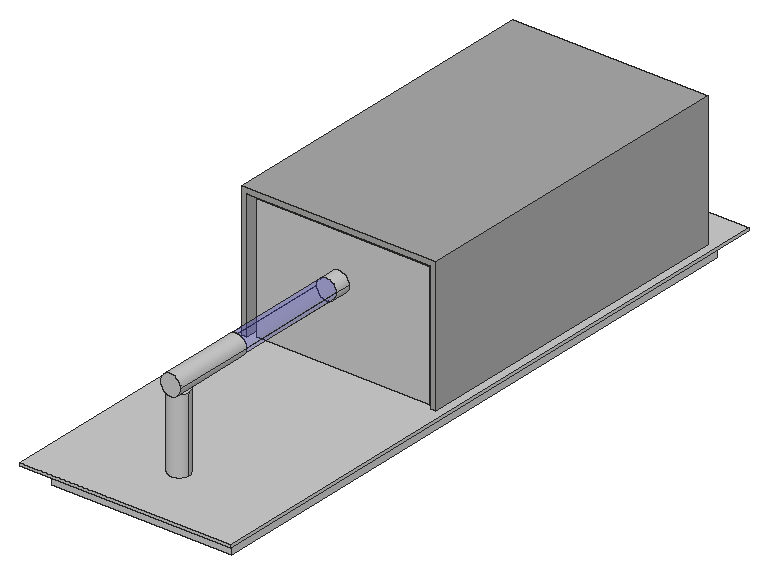
Revit family "2-5154-124 Epoch", category Lighting Fixtures, Revit 2014
Parameters
  Wattage = 1.64263 W
  built-in parameter 1150110 = 1 (stored number, unit not read)
  URL = "http://www.oxygenlighting.com"
  Type Comments = "Lighting - Fluorescent"
  built-in parameter 1114217 = 1 (stored number, unit not read)
  Tilt Angle = 180.00°
  built-in parameter 1150109 = 1 (stored number, unit not read)
  built-in parameter 1150134 = 3
  built-in parameter 1150113 = 1 (stored number, unit not read)
  Shade Height = 0' - 8 1/4"
  Product Documentation Link = ""
  Power Factor = "0.99"
  Photometric Web File = "2-5154-124.IES"
  Model = "2-5154-124"
  Metal Finish = 24 - Satin Nickel
  Manufacturer = "Oxygen Lighting"
  built-in parameter 1150105 = 19.417 (stored number, unit not read)
  Lumens = 244 lm
  built-in parameter 1150115 = 1 (stored number, unit not read)
  built-in parameter 1150137 = (empty or 0)
  built-in parameter 1150139 = (empty or 0)
  built-in parameter 1150112 = 1 (stored number, unit not read)
  Lamp Manufacturer = "Sylvania"
  built-in parameter 1150114 = 1 (stored number, unit not read)
  Lamp = "1x18W quad 4-pin fluorescent G24q-2"
  Junction Box = "4\" Octagonal"
  Input Voltage = "120"
  Input Power = "18.3"
  Input Current = ""
  built-in parameter 1150132 = 2
  built-in parameter 1150102 = (empty or 0)
  built-in parameter 1150107 = 3200 (stored number, unit not read)
  built-in parameter 1150138 = (empty or 0)
  built-in parameter 1150106 = 0.19417 (stored number, unit not read)
  Fixture Width = 0' - 5 1/8"
  Fixture Height = 1' - 3 3/4"
  Emit from Rectangle Width = 2' - 0"
  Emit from Rectangle Length = 4' - 0"
  Emit Shape Visible in Rendering = no
  built-in parameter 1150104 = 13.8 (stored number, unit not read)
  Dimming Lamp Color Temperature Shift = <None>
  Color Filter = 16777215
  Ballast Manufacturer = "Fulham RHA-UNV-218-C"
  Diffuser = 1 - White Cotton Shade
  Description = "15.75\" Wall Sconce"
  Default Elevation = 4' - 0"
  built-in parameter 1114218 = 1 (stored number, unit not read)
  built-in parameter 1150133 = 10 (stored number, unit not read)
  Apparent Load = 18.3 VA
  ADA Compliant = yes
Reference planes (in)
  plane 1 "Light Source Axis (F/B)": y = 0
  plane 2: z = 0
  plane 3 "Light Source Axis (L/R)": x = 0
  plane 4 "Light Source Elevation": z = 2.0625
  plane 5: x = -2.5625
  plane 6: x = 2.5625
  plane 7: y = 5.90625
  plane 8: y = -9.84375
  plane 9: z = 3.8125
  plane 10: z = 0.5625
  plane 11: z = 0.5
  plane 12: y = 4.90625
  plane 13: y = -3.34375
Forms (in)
  Extrusion 1, solid, material "24 - Satin Nickel" <- "Metal Finish", not visible
    sketch origin (0, 0, 0) x (0, 1, 0) y (0, 0, 1)
      loop
        line (7.52215, 0) -> (7.52215, 1.75) -> (-9, 1.75) -> (-9, 3.5) -> (-10, 3.5) -> (-11.5, 0.5) -> (-11.5, 0) -> (7.52215, 0)
    from -2.0625 to 2.0625
  Extrusion 2, solid, material "1 - White Cotton Shade" <- "Diffuser", not visible
    sketch origin (0, 0, 0) x (1, 0, 0) y (0, 0, 1)
      loop
        arc (2.625, 3.875) -> (2.71339, 3.83839) -> (2.75, 3.75) r 0.125
        line (2.75, 3.75) -> (2.75, 2)
        arc (2.75, 2) -> (2.71339, 1.91161) -> (2.625, 1.875) r 0.125
        line (2.625, 1.875) -> (1.25, 1.875) -> (1.25, 1.75) -> (2.625, 1.75)
        arc (2.625, 1.75) -> (2.80178, 1.82322) -> (2.875, 2) r 0.25
        line (2.875, 2) -> (2.875, 3.75)
        arc (2.875, 3.75) -> (2.80178, 3.92678) -> (2.625, 4) r 0.25
        line (2.625, 4) -> (-2.625, 4)
        arc (-2.625, 4) -> (-2.80178, 3.92678) -> (-2.875, 3.75) r 0.25
        line (-2.875, 3.75) -> (-2.875, 2)
        arc (-2.875, 2) -> (-2.80178, 1.82322) -> (-2.625, 1.75) r 0.25
        line (-2.625, 1.75) -> (-1.25, 1.75) -> (-1.25, 1.875) -> (-2.625, 1.875)
        arc (-2.625, 1.875) -> (-2.71339, 1.91161) -> (-2.75, 2) r 0.125
        line (-2.75, 2) -> (-2.75, 3.75)
        arc (-2.75, 3.75) -> (-2.71339, 3.83839) -> (-2.625, 3.875) r 0.125
        line (-2.625, 3.875) -> (2.625, 3.875)
    from -9 to 9
  Extrusion 3, solid, material "24 - Satin Nickel" <- "Metal Finish"
    sketch origin (0, 0, 0) x (1, 0, 0) y (0, 1, 0)
      loop
        line (-2.5625, 5.90625) -> (-2.5625, -9.84375) -> (2.5625, -9.84375) -> (2.5625, 5.90625) -> (-2.5625, 5.90625)
    from 0.5 to 0.5625
  Extrusion 4, solid, material "24 - Satin Nickel" <- "Metal Finish"
    sketch origin (0, 0, 0) x (1, 0, 0) y (0, 1, 0)
      loop
        line (-2.1875, 5.40625) -> (-2.1875, -9.34375) -> (2.1875, -9.34375) -> (2.1875, 5.40625) -> (-2.1875, 5.40625)
    from 0 to 0.5
  Extrusion 5, solid, material "24 - Satin Nickel" <- "Metal Finish"
    sketch origin (0, 0, 0) x (1, 0, 0) y (0, 1, 0)
      loop
        circle (0, -8.22528) r 0.24347
    from 0 to 2.35649
  Extrusion 6, solid, material "24 - Satin Nickel" <- "Metal Finish"
    sketch origin (0, 0, 0) x (1, 0, 0) y (0, 0, 1)
      loop
        circle (0, 2.55276) r 0.24347
    from 6.46875 to 8.46968
  Extrusion 7, solid, material "Glass"
    sketch origin (0, 0, 0) x (1, 0, 0) y (0, 0, 1)
      loop
        circle (0, 2.55276) r 0.24347
    from 3.71875 to 6.46875
  Extrusion 8, solid, material "24 - Satin Nickel" <- "Metal Finish"
    sketch origin (0, 0, 0) x (1, 0, 0) y (0, 0, 1)
      loop
        circle (0, 2.55276) r 0.24347
    from 3.34375 to 3.71875
  Extrusion 9, solid, material "24 - Satin Nickel" <- "Metal Finish"
    sketch origin (0, 0, 0) x (1, 0, 0) y (0, 0, 1)
      loop
        line (2.115, 3.56333) -> (-2.115, 3.56333) -> (-2.115, 0.5625) -> (2.115, 0.5625) -> (2.115, 3.56333)
    from 3.09375 to 3.21875
  Extrusion 10, solid, material "1 - White Cotton Shade" <- "Diffuser"
    sketch origin (0, 0, 0) x (1, 0, 0) y (0, 0, 1)
      loop
        line (2.365, 0.5625) -> (2.365, 3.8125) -> (-2.365, 3.8125) -> (-2.365, 0.5625) -> (-2.24, 0.5625) -> (-2.24, 3.6875) -> (2.24, 3.6875) -> (2.24, 0.5625) -> (2.365, 0.5625)
    from -4.90625 to 3.34375
  Extrusion 11, solid, material "24 - Satin Nickel" <- "Metal Finish"
    sketch origin (0, 0, 0) x (1, 0, 0) y (0, 0, -1)
      loop
        line (2.115, -3.56333) -> (2.115, -0.5625) -> (-2.115, -0.5625) -> (-2.115, -3.56333) -> (2.115, -3.56333)
    from 4.65625 to 4.78125
  Extrusion 12, solid, material "24 - Satin Nickel" <- "Metal Finish", not visible
    sketch origin (0, 0, 0) x (1, 0, 0) y (0, 1, 0)
      loop
        line (-2.5625, 5.90625) -> (-2.5625, -9.84375) -> (2.5625, -9.84375) -> (2.5625, 5.90625) -> (-2.5625, 5.90625)
    from 0.5 to 0.5625
  Extrusion 13, solid, material "24 - Satin Nickel" <- "Metal Finish", not visible
    sketch origin (0, 0, 0) x (1, 0, 0) y (0, 1, 0)
      loop
        line (-2.1875, 5.40625) -> (-2.1875, -9.34375) -> (2.1875, -9.34375) -> (2.1875, 5.40625) -> (-2.1875, 5.40625)
    from 0 to 0.5
  Extrusion 14, solid, material "24 - Satin Nickel" <- "Metal Finish", not visible
    sketch origin (0, 0, 0) x (1, 0, 0) y (0, 1, 0)
      loop
        circle (0, -8.22528) r 0.24347
    from 0 to 2.52624
  Extrusion 15, solid, material "24 - Satin Nickel" <- "Metal Finish", not visible
    sketch origin (0, 0, 0) x (1, 0, 0) y (0, 0, 1)
      loop
        circle (0, 2.55276) r 0.24347
    from 6.46875 to 8.46875
  Extrusion 16, solid, material "Clear Acrylic", not visible
    sketch origin (0, 0, 0) x (1, 0, 0) y (0, 0, 1)
      loop
        circle (0, 2.55276) r 0.24347
    from 3.71875 to 6.46875
  Extrusion 17, solid, material "24 - Satin Nickel" <- "Metal Finish", not visible
    sketch origin (0, 0, 0) x (1, 0, 0) y (0, 0, 1)
      loop
        circle (0, 2.55276) r 0.24347
    from 3.34375 to 3.71875
  Extrusion 18, solid, material "24 - Satin Nickel" <- "Metal Finish", not visible
    sketch origin (0, 0, 0) x (1, 0, 0) y (0, 0, 1)
      loop
        line (2.115, 3.56333) -> (-2.115, 3.56333) -> (-2.115, 0.5625) -> (2.115, 0.5625) -> (2.115, 3.56333)
    from 3.09375 to 3.21875
  Extrusion 19, solid, material "1 - White Cotton Shade" <- "Diffuser", not visible
    sketch origin (0, 0, 0) x (1, 0, 0) y (0, 0, 1)
      loop
        line (2.365, 0.5625) -> (2.365, 3.8125) -> (-2.365, 3.8125) -> (-2.365, 0.5625) -> (-2.24, 0.5625) -> (-2.24, 3.6875) -> (2.24, 3.6875) -> (2.24, 0.5625) -> (2.365, 0.5625)
    from -4.90625 to 3.34375
  Extrusion 20, solid, material "24 - Satin Nickel" <- "Metal Finish", not visible
    sketch origin (0, 0, 0) x (1, 0, 0) y (0, 0, -1)
      loop
        line (2.115, -3.56333) -> (2.115, -0.5625) -> (-2.115, -0.5625) -> (-2.115, -3.56333) -> (2.115, -3.56333)
    from 4.65625 to 4.78125
  Extrusion 21, solid, material "24 - Satin Nickel" <- "Metal Finish", not visible
    sketch origin (0, 0, 0) x (1, 0, 0) y (0, 1, 0)
      loop
        line (-2.5625, 5.90625) -> (-2.5625, -9.84375) -> (2.5625, -9.84375) -> (2.5625, 5.90625) -> (-2.5625, 5.90625)
    from 0.5 to 0.5625
  Extrusion 22, solid, material "24 - Satin Nickel" <- "Metal Finish", not visible
    sketch origin (0, 0, 0) x (1, 0, 0) y (0, 1, 0)
      loop
        line (-2.1875, 5.40625) -> (-2.1875, -9.34375) -> (2.1875, -9.34375) -> (2.1875, 5.40625) -> (-2.1875, 5.40625)
    from 0 to 0.5
  Extrusion 23, solid, material "24 - Satin Nickel" <- "Metal Finish", not visible
    sketch origin (0, 0, 0) x (1, 0, 0) y (0, 0, 1)
      loop
        circle (0, 2.55276) r 0.24347
    from 6.46875 to 8.46968
  Extrusion 24, solid, material "Glass", not visible
    sketch origin (0, 0, 0) x (1, 0, 0) y (0, 0, 1)
      loop
        circle (0, 2.55276) r 0.24347
    from 3.71875 to 6.46875
  Extrusion 25, solid, material "24 - Satin Nickel" <- "Metal Finish", not visible
    sketch origin (0, 0, 0) x (1, 0, 0) y (0, 0, 1)
      loop
        circle (0, 2.55276) r 0.24347
    from 3.34375 to 3.71875
  Extrusion 26, solid, material "24 - Satin Nickel" <- "Metal Finish", not visible
    sketch origin (0, 0, 0) x (1, 0, 0) y (0, 0, 1)
      loop
        line (2.115, 3.56333) -> (-2.115, 3.56333) -> (-2.115, 0.5625) -> (2.115, 0.5625) -> (2.115, 3.56333)
    from 3.09375 to 3.21875
  Extrusion 27, solid, material "1 - White Cotton Shade" <- "Diffuser", not visible
    sketch origin (0, 0, 0) x (1, 0, 0) y (0, 0, 1)
      loop
        line (2.365, 0.5625) -> (2.365, 3.8125) -> (-2.365, 3.8125) -> (-2.365, 0.5625) -> (-2.24, 0.5625) -> (-2.24, 3.6875) -> (2.24, 3.6875) -> (2.24, 0.5625) -> (2.365, 0.5625)
    from -4.90625 to 3.34375
  Extrusion 28, solid, material "24 - Satin Nickel" <- "Metal Finish", not visible
    sketch origin (0, 0, 0) x (1, 0, 0) y (0, 0, -1)
      loop
        line (2.115, -3.56333) -> (2.115, -0.5625) -> (-2.115, -0.5625) -> (-2.115, -3.56333) -> (2.115, -3.56333)
    from 4.65625 to 4.78125
Dimensions and locks (in)
  "Fixture Height": plane 7 to plane 8
  "Shade Height": plane 12 to plane 13
  "Fixture Width": Extrusion 3 to Extrusion 3
  aligned and locked: level to plane 2
  aligned and locked: plane 11 to Extrusion 4
  aligned and locked: plane 10 to Extrusion 3
  aligned and locked: Extrusion 3 to Extrusion 4
Automatic sketch dimensions
  Extrusion 7 sketch curve to Extrusion 7 sketch curve = 0' - 0.24347"
  Extrusion 8 sketch curve to Extrusion 8 sketch curve = 0' - 0.24347"
  Extrusion 10 sketch curve to Extrusion 10 sketch curve = 0' - 0 1/8"  (x3)
  Extrusion 3 sketch curve to Extrusion 3 sketch curve = 0' - 5 1/8"
  Extrusion 3 sketch curve to Extrusion 3 sketch curve = 1' - 3 3/4"
  Extrusion 4 sketch curve to Extrusion 4 sketch curve = 0' - 4 3/8"
  Extrusion 4 sketch curve to Extrusion 4 sketch curve = 1' - 2 3/4"
  Extrusion 9 sketch curve to Extrusion 9 sketch curve = 0' - 4.23"
  Extrusion 9 sketch curve to Extrusion 9 sketch curve = 0' - 3.00083"
  Extrusion 10 sketch curve to Extrusion 10 sketch curve = 0' - 4.48"
  Extrusion 10 sketch curve to Extrusion 10 sketch curve = 0' - 0"
  Extrusion 10 sketch curve to Extrusion 10 sketch curve = 0' - 3 1/8"
  Extrusion 11 sketch curve to Extrusion 11 sketch curve = 0' - 4.23"
  Extrusion 11 sketch curve to Extrusion 11 sketch curve = 0' - 3.00083"
  Extrusion 16 sketch curve to Extrusion 16 sketch curve = 0' - 0.24347"
  Extrusion 17 sketch curve to Extrusion 17 sketch curve = 0' - 0.24347"
  Extrusion 19 sketch curve to Extrusion 19 sketch curve = 0' - 0 1/8"  (x3)
  Extrusion 12 sketch curve to Extrusion 12 sketch curve = 0' - 5 1/8"
  Extrusion 12 sketch curve to Extrusion 12 sketch curve = 1' - 3 3/4"
  Extrusion 13 sketch curve to Extrusion 13 sketch curve = 0' - 4 3/8"
  Extrusion 13 sketch curve to Extrusion 13 sketch curve = 1' - 2 3/4"
  Extrusion 18 sketch curve to Extrusion 18 sketch curve = 0' - 4.23"
  Extrusion 18 sketch curve to Extrusion 18 sketch curve = 0' - 3.00083"
  Extrusion 19 sketch curve to Extrusion 19 sketch curve = 0' - 4.48"
  Extrusion 19 sketch curve to Extrusion 19 sketch curve = 0' - 0"
  Extrusion 19 sketch curve to Extrusion 19 sketch curve = 0' - 3 1/8"
  Extrusion 20 sketch curve to Extrusion 20 sketch curve = 0' - 4.23"
  Extrusion 20 sketch curve to Extrusion 20 sketch curve = 0' - 3.00083"
  Extrusion 5 sketch curve to plane 3 "Light Source Axis (L/R)" = 0' - 0"
  plane 8 to Extrusion 5 sketch curve = 0' - 1.61847"
  Extrusion 24 sketch curve to Extrusion 24 sketch curve = 0' - 0.24347"
  Extrusion 25 sketch curve to Extrusion 25 sketch curve = 0' - 0.24347"
  Extrusion 27 sketch curve to Extrusion 27 sketch curve = 0' - 0 1/8"  (x3)
  Extrusion 21 sketch curve to Extrusion 21 sketch curve = 0' - 5 1/8"
  Extrusion 21 sketch curve to Extrusion 21 sketch curve = 1' - 3 3/4"
  Extrusion 22 sketch curve to Extrusion 22 sketch curve = 0' - 4 3/8"
  Extrusion 22 sketch curve to Extrusion 22 sketch curve = 1' - 2 3/4"
  Extrusion 26 sketch curve to Extrusion 26 sketch curve = 0' - 4.23"
  Extrusion 26 sketch curve to Extrusion 26 sketch curve = 0' - 3.00083"
  Extrusion 27 sketch curve to Extrusion 27 sketch curve = 0' - 4.48"
  Extrusion 27 sketch curve to Extrusion 27 sketch curve = 0' - 0"
  Extrusion 27 sketch curve to Extrusion 27 sketch curve = 0' - 3 1/8"
  Extrusion 28 sketch curve to Extrusion 28 sketch curve = 0' - 4.23"
  Extrusion 28 sketch curve to Extrusion 28 sketch curve = 0' - 3.00083"
  Extrusion 7 sketch curve to Extrusion 7 sketch curve = 0' - 0"  (x2)
  Extrusion 8 sketch curve to Extrusion 8 sketch curve = 0' - 0"  (x2)
  Extrusion 24 sketch curve to Extrusion 24 sketch curve = 0' - 0"  (x2)
  Extrusion 25 sketch curve to Extrusion 25 sketch curve = 0' - 0"  (x2)
  Extrusion 16 sketch curve to Extrusion 16 sketch curve = 0' - 0"  (x2)
  Extrusion 17 sketch curve to Extrusion 17 sketch curve = 0' - 0"  (x2)
  radius of Extrusion 5 sketch curve = 0' - 0.24347"
  radius of Extrusion 6 sketch curve = 0' - 0.24347"
  radius of Extrusion 14 sketch curve = 0' - 0.24347"
  radius of Extrusion 15 sketch curve = 0' - 0.24347"
  radius of Extrusion 23 sketch curve = 0' - 0.24347"
